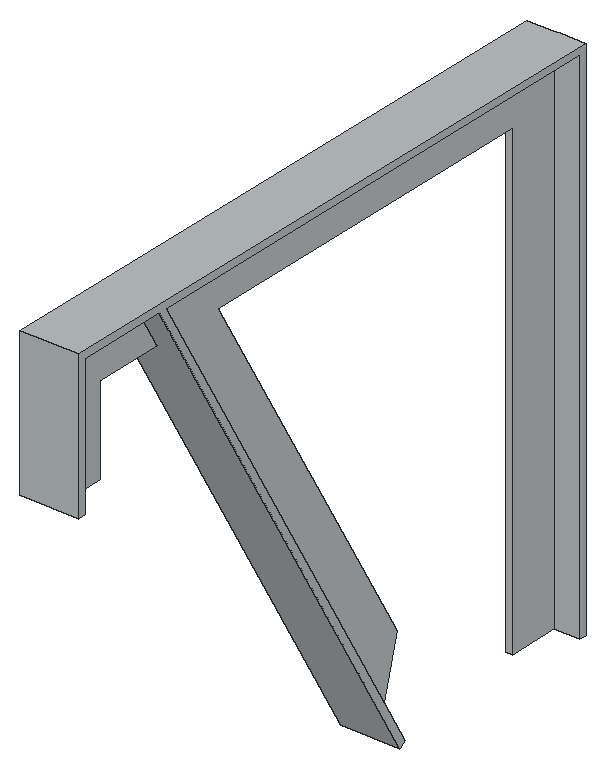
Revit family "Wall-Bracket-Vanity_Rakks", category Specialty Equipment, Revit 2026
Family settings
  Round Connector Dimension = Use Diameter
  Part Type = Normal
  Classification Number = 23.40.50.31.11.14
  Work Plane-Based = No
  Enable Cutting in Views = No
  Always vertical = Yes
  Cut with Voids When Loaded = No
  Maintain Annotation Orientation = No
  Shared = Yes
  Room Calculation Point = No
Parameters
  Warranty Duration (Years) = 0
  Vertical Member Length = 1' - 6"
  Unit Depth = 1' - 9 1/2"
  URL = "http://www.rakks.com/"
  Test Data = "http://www.rakks.com/pdfs/Rangine_Corporation_Leed_Statement.pdf"
  Specification = "http://www.arcat.com/sdspecs/htm/10670rak.htm"
  Knee Plate Angle from Horizontal = 60.00°
  Send Message = "http://www.arcat.com/users.pl?action=UserEmail&company=Rangine%20Corp.%20-%20Rakks&coid=35076&rep=116&fax=781-455-8702&mf="
  Sales Information = "http://store.rakks.com/"
  Rib Thickness = 0' - 0 1/4"
  Rib Depth = 0' - 2"
  Revision = "R1_03-2010"
  Product Properties = "http://www.arcat.com/bim/bim_info.pl?fn=Shelving_Rakks"
  Product Data = "http://www.arcat.com/arcatcos/cos35/arc35076.html"
  Model = ""
  Material = Metal - Mill
  Manufacturer Website = "http://www.rakks.com/"
  Manufacturer Phone - Toll Free = "800-826-6006"
  Manufacturer Phone = "781-455-8700"
  Manufacturer Fax = "781-455-8702"
  Manufacturer Address = "330 Reservoir St., Needham, MA 02494"
  Manufacturer = "Rangine Corp. - Rakks"
  Maintenance Schedule (Months) = 0
  Keynote = "10 56 00"
  Installation-Fabrication = "http://www.rakks.com/literature/install.html"
  Installation Phase = ""
  Green Building-LEED = "http://www.arcat.com/green/clients/leed_data_35076.html"
  Front Lip Height = 0' - 5"
  Expected Lifespan (Years) = 0
  Drawn By = "Robert S. Weygant, CSI, CDT, SCIP"
  Description = ""
  Default Elevation = 0' - 0"
  Copyright = "2010, ARCAT, Inc"
  Construction Details = "http://www.arcat.com/details/rangine/rangine.html?coid=35076"
  Capacity (Weight) = 0.00 lbf
  Building Codes = ""
  Assembly Code = "E1010500"
Reference planes (in)
  plane 1 "Back": y = 0
  plane 2: z = 0
  plane 3 "Center (Left/Right)": x = 0
  plane 4: z = -18
  plane 5: y = -2
  plane 6: x = -0.125
  plane 7: x = 0.125
  plane 8: y = -21.5
  plane 9: z = -5
  plane 10: z = -2
  plane 11: y = -19.5
Forms (in)
  Extrusion 1, solid, material "Metal - Mill" <- "Material"
    sketch origin (0, 0, -0.5821) x (0, 1, 0) y (0, 0, 1)
      loop
        line (0, -17.4179) -> (0, 0.5821) -> (-21.5, 0.5821) -> (-21.5, -4.4179) -> (-21.25, -4.4179) -> (-21.25, 0.33234) -> (-18.11188, 0.33234) -> (-7.88268, -17.38516) -> (-7.66617, -17.26016) -> (-17.82321, 0.33234) -> (-0.25, 0.33234) -> (-0.25, -17.4179) -> (0, -17.4179)
    from -1 to 1
  Extrusion 2, solid, material "Metal - Mill" <- "Material"
    sketch origin (0, 0, 0) x (0, 1, 0) y (0, 0, 1)
      loop
        line (0, 0) -> (-21.5, 0) -> (-21.5, -5) -> (-19.5, -5) -> (-19.5, -2) -> (-16.81271, -2) -> (-7.66617, -17.84226) -> (-6.93412, -15.11021) -> (-14.50331, -2) -> (-2, -2) -> (-2, -18) -> (0, -18) -> (0, 0)
    from -0.125 to 0.125
Cuts and joins
  joined: Extrusion 1, Extrusion 2
Lines and regions (in)
  reference lines
    curve 1: line (0, -15.65801, 0) -> (0, -6.93412, -15.11021)
    curve 2: line (0, -6.93412, -15.11021) -> (0, -7.66617, -17.84226)
    curve 3: line (0, -11.82308, -10.64229) -> (0, -7.66617, -17.84226)
Dimensions and locks (in)
  "Vertical Member Length": level to plane 4
  "Rib Depth": plane 1 "Back" to plane 5
  equal spacing: plane 7, plane 3 "Center (Left/Right)", plane 6
  "Rib Thickness": plane 7 to plane 6
  "Unit Depth": plane 1 "Back" to plane 8
  "Front Lip Height": level to plane 9
  "Rib Depth": curve 3 to curve 1
  "Rib Depth": level to plane 10
  "Rib Depth": plane 11 to plane 8
  locked: curve 1 to plane 8 at 5.84199
  locked: Extrusion 1 sketch curve to curve 3 at 0
  locked: Extrusion 1 sketch curve to Extrusion 1 sketch curve at 0.25
  locked: curve 1 to curve 2 (angle 45.00°)
  "Knee Plate Angle from Horizontal": angle level to curve 3
  aligned and locked: Extrusion 1 sketch curve to curve 3
  aligned and locked: level to curve 1
  aligned and locked: curve 1 to Extrusion 2 sketch curve
  aligned and locked: Extrusion 2 sketch curve to curve 2
  aligned and locked: Extrusion 2 sketch curve to curve 3
  aligned and locked: level to Extrusion 1
  aligned and locked: Extrusion 2 to plane 6
  aligned and locked: Extrusion 2 to plane 7
Automatic sketch dimensions
  Extrusion 1 sketch curve to plane 8 = 0' - 0"
  Extrusion 1 sketch curve to plane 9 = 0' - 0"
  Extrusion 1 sketch curve to plane 4 = 0' - 0"
  Extrusion 1 sketch curve to plane 1 "Back" = 0' - 0"
  level to Extrusion 1 sketch curve = 0' - 0"
  plane 8 to Extrusion 1 sketch curve = 0' - 0 1/4"
  Extrusion 1 sketch curve to Extrusion 1 sketch curve = 0' - 0 1/4"
  Extrusion 1 sketch curve to level = 0' - 0.24976"  (x2)
  Extrusion 2 sketch curve to plane 1 "Back" = 0' - 0"
  Extrusion 2 sketch curve to plane 4 = 0' - 0"
  Extrusion 2 sketch curve to plane 5 = 0' - 0"
  Extrusion 2 sketch curve to plane 10 = 0' - 0"  (x2)
  Extrusion 2 sketch curve to plane 11 = 0' - 0"
  Extrusion 2 sketch curve to plane 9 = 0' - 0"
  Extrusion 2 sketch curve to plane 8 = 0' - 0"
  Extrusion 2 sketch curve to level = 0' - 0"
